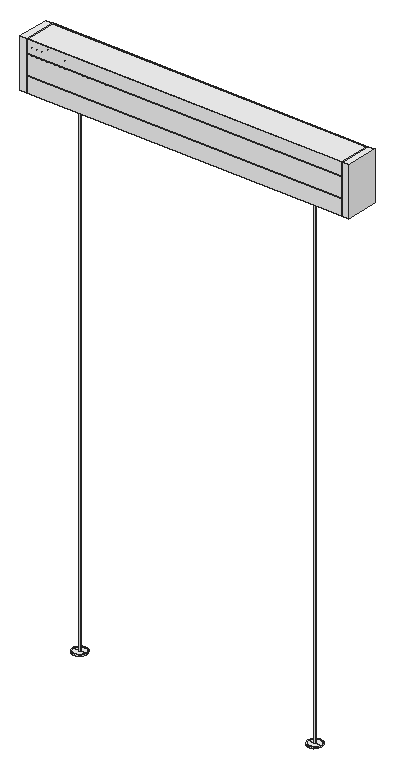
Revit family "2.3 inch  MAGIC WALL WASH LINEAR LIGHT", category Lighting Fixtures, host Face, Revit 2020 (continued)
Types (17): name | Wattage Comments | Wattage | Wall Mount | Suspenders Distance | Surface Mount | Recessed Mount | Photometric Web File | Pendent Mount | Order number | built-in parameter 1150142 | Model | built-in parameter 1150105 | Lumens | Light Source Height | Light Source Distance | built-in parameter 1150106 | Fixture Length
      \r\n 2000.70  2002.44  2001.82  1998.76  1995.53  1992.22  1988.73  1984.47  1980.23  1975.86  \r\n 1970.63  1965.35  1960.26  1956.19  1952.05  1947.59  1941.93  1936.24  1930.47  1924.37  \r\n 1918.23  1911.96  1905.01  1897.99  1890.90  1883.32  1875.71  1868.06  1859.93  1851.70  \r\n 1843.43  1834.59  1825.51  1816.33  1806.61  1796.48  1786.23  1775.88  1765.51  1752.04  \r\n 1735.76  1718.74  1701.62  1684.38  1666.69  1648.83  1630.88  1612.54  1593.68  1574.73  \r\n 1555.67  1536.00  1516.30  1496.56  1476.57  1456.32  1436.02  1415.67  1395.25  1374.74  \r\n 1354.14  1333.32  1312.07  1290.83  1269.60  1247.93  1225.74  1203.52  1181.27  1159.19  \r\n 1136.21  1112.36  1088.60  1064.80  1040.97  1017.22  993.56   969.94   946.37   922.89   \r\n 899.51   876.22   852.61   829.09   805.72   782.48   759.40   736.49   713.72   691.08   \r\n 668.57   646.14   623.71   601.39   579.19   557.11   536.79   518.98   501.28   483.69   \r\n 466.20   448.81   431.53   414.33   397.24   380.24   363.34   346.53   329.82   313.19   \r\n 296.63   280.14   263.73   247.40   231.14   214.96   198.84   182.79   166.80   154.71   \r\n 147.24   139.80   132.39   125.01   117.66   110.34   103.05   95.78    88.53    81.30    \r\n 74.09    66.90    59.73    52.56    45.42    38.28    31.15    24.02    16.91    9.79     \r\n 2.68     2.58     2.47     2.37     2.27     2.17     2.06     1.96     1.86     1.75     \r\n 1.65     1.55     1.45     1.35     1.25     1.15     1.05     0.95     0.85     0.75     \r\n 0.66     0.56     0.52     0.54     0.55     0.56     0.57     0.58     0.60     0.61     \r\n 0.62     0.64     0.65     0.66     0.68     0.69     0.71     0.72     0.74     0.75     \r\n 0.76     0.77     0.78     0.80     0.81     0.83     0.84     0.86     0.88     0.90     \r\n 0.92     0.94     0.96     0.97     0.99     1.01     1.04     1.06     1.08     1.10     \r\n 1.11     1.13     1.15     1.17     1.19     1.21     1.23     1.25     1.27     1.30     \r\n 1.32     1.34     1.36     1.37     1.39     1.41     1.42     1.44     1.46     1.47     \r\n 1.49     1.51     1.53     1.55     1.57     1.59     1.61     1.62     1.65     1.67     \r\n 1.69     1.72     1.74     1.77     1.79     1.81     1.82     1.84     1.87     1.89     \r\n 1.92     1.94     1.97     2.00     2.02     2.04     2.06     2.09     2.11     2.13     \r\n 2.16     2.19     2.21     2.24     2.27     2.29     2.32     2.35     2.37     2.39     \r\n 2.42     2.45     2.48     2.50     2.53     2.56     2.59     2.62     2.66     2.68     \r\n 2.71     2.74     2.77     2.80     2.84     2.87     2.89     2.92     2.96     2.98     \r\n 3.01     3.03     3.06     3.08     3.11     3.13     3.15     3.18     3.20     3.23     \r\n 3.26     3.28     3.31     3.33     3.36     3.38     3.41     3.44     3.46     3.49     \r\n 3.52     3.54     3.57     3.59     3.62     3.65     3.67     3.70     3.73     3.76     \r\n 3.78     3.81     3.83     3.86     3.89     3.91     3.94     3.96     3.98     4.00     \r\n 4.26     \r\n1793.11  1801.17  1809.12  1816.98  1824.22  1831.37  1838.50  1845.24  1851.87  1858.48  \r\n 1864.59  1870.40  1876.14  1881.67  1887.04  1892.38  1897.62  1902.73  1907.78  1912.64  \r\n 1917.02  1921.32  1925.53  1929.61  1933.66  1937.68  1941.65  1945.63  1949.61  1952.64  \r\n 1955.42  1958.12  1960.91  1963.74  1966.54  1969.05  1971.22  1973.33  1975.36  1975.08  \r\n 1971.98  1968.84  1965.66  1962.44  1959.17  1955.39  1951.43  1947.44  1943.28  1938.91  \r\n 1934.47  1929.87  1924.97  1920.09  1915.22  1909.32  1903.25  1897.14  1891.54  1886.39  \r\n 1881.16  1875.71  1869.31  1862.88  1856.42  1849.66  1842.75  1835.80  1828.63  1820.90  \r\n 1813.10  1805.24  1797.17  1789.00  1780.79  1766.69  1751.98  1737.16  1722.22  1706.86  \r\n 1691.10  1675.26  1659.35  1642.80  1626.02  1609.15  1592.20  1575.23  1558.17  1541.02  \r\n 1523.69  1505.73  1487.67  1469.53  1451.26  1432.74  1414.15  1395.49  1376.71  1357.17  \r\n 1337.55  1317.85  1298.07  1278.25  1258.41  1238.55  1215.98  1192.93  1169.70  1146.52  \r\n 1123.38  1100.28  1077.06  1053.89  1030.76  1007.68  984.64   961.57   938.56   915.60   \r\n 892.69   869.78   846.54   823.40   800.34   777.38   754.51   731.77   709.13   686.56   \r\n 664.05   641.60   619.22   599.57   581.09   562.69   544.39   526.17   508.04   490.01   \r\n 472.09   454.25   436.48   418.78   401.14   383.58   366.08   348.63   331.22   313.89   \r\n 296.62   279.41   262.27   245.18   228.15   211.17   194.24   179.13   171.23   163.35   \r\n 155.50   147.68   139.88   132.11   124.36   116.63   108.92   101.23   93.56    85.91    \r\n 78.27    70.64    63.03    55.42    47.83    40.25    32.67    25.10    17.53    9.96     \r\n 2.40     2.31     2.23     2.15     2.07     1.99     1.91     1.83     1.75     1.67     \r\n 1.59     1.51     1.42     1.34     1.26     1.19     1.11     1.03     0.95     0.87     \r\n 0.79     0.72     0.64     0.57     0.56     0.58     0.59     0.60     0.62     0.63     \r\n 0.65     0.66     0.68     0.69     0.71     0.72     0.74     0.75     0.76     0.78     \r\n 0.79     0.80     0.82     0.83     0.85     0.86     0.88     0.89     0.91     0.93     \r\n 0.95     0.97     0.99     1.01     1.03     1.05     1.07     1.10     1.12     1.14     \r\n 1.16     1.17     1.19     1.21     1.23     1.25     1.28     1.30     1.32     1.35     \r\n 1.37     1.39     1.42     1.44     1.46     1.48     1.50     1.52     1.54     1.56     \r\n 1.58     1.60     1.62     1.63     1.65     1.67     1.69     1.71     1.73     1.75     \r\n 1.77     1.80     1.82     1.84     1.87     1.89     1.91     1.94     1.96     1.98     \r\n 2.01     2.03     2.06     2.08     2.11     2.14     2.17     2.19     2.22     2.24     \r\n 2.26     2.28     2.30     2.33     2.35     2.38     2.40     2.43     2.46     2.48     \r\n 2.51     2.54     2.57     2.60     2.62     2.65     2.68     2.70     2.73     2.76     \r\n 2.79     2.82     2.84     2.87     2.90     2.93     2.96     2.99     3.03     3.06     \r\n 3.09     3.12     3.14     3.16     3.19     3.21     3.23     3.26     3.28     3.30     \r\n 3.33     3.35     3.37     3.40     3.42     3.44     3.47     3.49     3.52     3.54     \r\n 3.56     3.59     3.61     3.64     3.66     3.68     3.71     3.73     3.76     3.78     \r\n 3.80     3.83     3.85     3.88     3.90     3.92     3.95     3.97     3.99     4.01     \r\n 4.26     \r\n1793.11  1800.10  1806.99  1813.78  1820.22  1826.37  1832.51  1838.62  1844.30  1849.97  \r\n 1855.62  1860.90  1865.80  1870.64  1875.42  1879.94  1884.44  1888.91  1893.26  1897.49  \r\n 1901.66  1905.79  1909.32  1912.76  1916.13  1919.44  1922.70  1925.94  1929.14  1932.39  \r\n 1935.65  1938.91  1941.76  1943.79  1945.76  1947.65  1949.72  1947.66  1944.35  1940.94  \r\n 1937.09  1933.23  1929.36  1925.40  1921.34  1917.23  1913.09  1908.91  1904.69  1900.43  \r\n 1896.07  1891.21  1886.32  1881.39  1876.28  1870.87  1865.38  1859.81  1854.24  1848.71  \r\n 1843.20  1837.70  1831.29  1824.47  1817.61  1810.70  1804.40  1798.20  1791.92  1785.58  \r\n 1778.61  1767.83  1754.93  1741.91  1728.52  1714.97  1701.32  1687.58  1673.35  1658.84  \r\n 1644.24  1629.55  1614.66  1599.53  1584.31  1568.98  1553.50  1537.61  1521.62  1505.54  \r\n 1489.37  1472.93  1456.35  1439.71  1423.02  1406.21  1388.74  1371.20  1353.59  1335.93  \r\n 1318.20  1300.40  1280.12  1258.50  1236.86  1215.02  1192.85  1170.67  1148.49  1126.30  \r\n 1104.10  1081.92  1059.76  1037.60  1015.45  993.31   970.87   948.24   925.65   903.07   \r\n 880.53   858.00   835.52   813.07   790.64   768.23   745.83   723.45   701.06   678.63   \r\n 658.54   639.89   621.30   602.76   584.28   565.84   547.40   529.02   510.68   492.40   \r\n 474.16   455.98   437.83   419.74   401.67   383.65   365.66   347.72   329.82   311.95   \r\n 294.12   276.33   258.57   240.85   223.15   205.48   194.99   186.79   178.62   170.46   \r\n 162.32   154.20   146.10   138.01   129.94   121.88   113.84   105.81   97.79    89.78    \r\n 81.77    73.78    65.80    57.82    49.85    41.89    33.93    25.97    18.02    10.06    \r\n 2.11     2.05     1.99     1.92     1.86     1.80     1.73     1.67     1.61     1.54     \r\n 1.48     1.42     1.36     1.29     1.23     1.17     1.11     1.05     0.99     0.93     \r\n 0.87     0.81     0.75     0.69     0.63     0.59     0.61     0.62     0.64     0.65     \r\n 0.67     0.68     0.70     0.71     0.73     0.74     0.76     0.77     0.79     0.81     \r\n 0.82     0.84     0.85     0.87     0.89     0.90     0.92     0.94     0.96     0.99     \r\n 1.01     1.03     1.05     1.07     1.09     1.11     1.13     1.15     1.17     1.19     \r\n 1.21     1.23     1.25     1.27     1.29     1.31     1.33     1.36     1.38     1.40     \r\n 1.43     1.45     1.48     1.50     1.52     1.55     1.57     1.60     1.62     1.65     \r\n 1.67     1.69     1.71     1.73     1.75     1.77     1.79     1.81     1.83     1.85     \r\n 1.87     1.89     1.91     1.94     1.96     1.98     2.01     2.03     2.06     2.09     \r\n 2.11     2.13     2.15     2.18     2.20     2.23     2.26     2.28     2.31     2.34     \r\n 2.37     2.39     2.42     2.45     2.47     2.50     2.52     2.54     2.56     2.59     \r\n 2.61     2.63     2.66     2.68     2.71     2.74     2.76     2.79     2.82     2.84     \r\n 2.87     2.90     2.93     2.96     2.99     3.02     3.05     3.07     3.10     3.13     \r\n 3.16     3.19     3.22     3.25     3.28     3.30     3.32     3.34     3.36     3.38     \r\n 3.40     3.42     3.44     3.47     3.49     3.51     3.53     3.55     3.57     3.59     \r\n 3.61     3.64     3.66     3.68     3.70     3.72     3.75     3.77     3.79     3.81     \r\n 3.83     3.85     3.87     3.89     3.91     3.93     3.95     3.97     3.99     4.01     \r\n 4.26     \r\n1793.11  1798.98  1804.76  1810.44  1816.04  1821.15  1826.25  1831.32  1836.38  1841.07  \r\n 1845.74  1850.40  1855.06  1859.04  1862.97  1866.84  1870.66  1874.29  1877.90  1881.48  \r\n 1885.05  1888.40  1891.69  1894.95  1898.15  1900.85  1903.40  1905.87  1908.28  1910.71  \r\n 1913.14  1915.54  1917.90  1920.35  1922.85  1921.86  1918.64  1914.76  1910.34  1905.89  \r\n 1901.43  1897.02  1892.72  1888.38  1884.00  1879.55  1874.81  1870.06  1865.30  1860.53  \r\n 1855.54  1850.49  1845.40  1840.27  1835.11  1829.91  1824.68  1819.41  1814.04  1808.28  \r\n 1802.48  1796.65  1790.79  1784.56  1778.09  1771.55  1764.95  1758.33  1748.81  1737.11  \r\n 1725.31  1713.40  1700.89  1687.69  1674.45  1661.17  1647.85  1634.70  1621.57  1608.33  \r\n 1594.98  1581.53  1567.56  1553.36  1539.05  1524.64  1510.12  1495.47  1480.72  1465.90  \r\n 1451.00  1436.02  1420.78  1405.23  1389.60  1373.91  1358.15  1342.32  1326.13  1306.60  \r\n 1286.13  1265.63  1245.09  1224.47  1203.63  1182.76  1161.85  1140.91  1119.93  1098.91  \r\n 1077.81  1056.67  1035.49  1014.28  993.03   971.75   950.21   928.51   906.80   885.07   \r\n 863.32   841.56   819.78   798.03   776.33   754.61   732.89   711.59   693.13   674.69   \r\n 656.27   637.74   619.14   600.57   582.03   563.52   545.04   526.59   508.16   489.76   \r\n 471.41   453.11   434.83   416.57   398.32   380.09   361.87   343.67   325.48   307.30   \r\n 289.13   270.97   252.82   234.66   217.77   209.34   200.93   192.54   184.15   175.78   \r\n 167.42   159.07   150.73   142.40   134.08   125.77   117.47   109.18   100.89   92.61    \r\n 84.34    76.07    67.80    59.54    51.29    43.04    34.79    26.54    18.30    10.05    \r\n 1.81     1.76     1.72     1.67     1.62     1.58     1.53     1.48     1.44     1.39     \r\n 1.35     1.30     1.25     1.21     1.16     1.12     1.07     1.03     0.98     0.94     \r\n 0.89     0.85     0.81     0.76     0.72     0.68     0.63     0.64     0.66     0.68     \r\n 0.69     0.71     0.73     0.74     0.76     0.78     0.79     0.81     0.83     0.85     \r\n 0.87     0.89     0.90     0.92     0.94     0.96     0.98     1.00     1.02     1.04     \r\n 1.06     1.08     1.09     1.11     1.13     1.15     1.17     1.19     1.22     1.24     \r\n 1.26     1.28     1.31     1.33     1.35     1.38     1.40     1.43     1.45     1.48     \r\n 1.50     1.53     1.55     1.57     1.60     1.62     1.64     1.67     1.69     1.72     \r\n 1.75     1.78     1.81     1.83     1.85     1.87     1.89     1.92     1.94     1.96     \r\n 1.98     2.00     2.02     2.05     2.07     2.09     2.12     2.14     2.17     2.20     \r\n 2.22     2.25     2.28     2.30     2.33     2.35     2.37     2.40     2.42     2.45     \r\n 2.47     2.50     2.52     2.55     2.57     2.60     2.62     2.64     2.67     2.69     \r\n 2.72     2.74     2.77     2.79     2.82     2.85     2.87     2.90     2.93     2.95     \r\n 2.98     3.00     3.03     3.05     3.08     3.10     3.13     3.16     3.19     3.22     \r\n 3.24     3.27     3.30     3.33     3.36     3.39     3.41     3.43     3.45     3.47     \r\n 3.49     3.51     3.52     3.54     3.56     3.58     3.59     3.61     3.63     3.65     \r\n 3.67     3.69     3.71     3.73     3.75     3.76     3.78     3.80     3.82     3.84     \r\n 3.86     3.87     3.89     3.91     3.93     3.95     3.96     3.98     3.99     4.01     \r\n 4.26     \r\n1793.11  1797.81  1802.44  1806.98  1811.44  1815.74  1819.75  1823.76  1827.74  1831.71  \r\n 1835.51  1839.16  1842.79  1846.42  1850.03  1853.17  1856.12  1859.03  1861.89  1864.70  \r\n 1867.40  1870.09  1872.75  1875.40  1877.98  1880.37  1882.71  1885.02  1887.29  1889.33  \r\n 1890.98  1892.57  1894.09  1895.21  1890.84  1886.57  1882.28  1877.98  1873.67  1869.37  \r\n 1865.05  1860.67  1856.24  1851.75  1846.78  1841.44  1836.08  1830.70  1825.30  1819.93  \r\n 1814.60  1809.23  1803.83  1798.40  1792.89  1787.28  1781.65  1776.02  1770.37  1764.69  \r\n 1758.71  1752.69  1746.65  1740.57  1734.45  1728.30  1716.69  1704.99  1693.21  1681.34  \r\n 1669.35  1657.10  1644.81  1632.47  1620.08  1607.64  1594.94  1581.96  1568.93  1555.86  \r\n 1542.75  1529.58  1516.42  1503.20  1489.90  1476.50  1463.02  1449.45  1435.63  1421.58  \r\n 1407.50  1393.38  1379.23  1365.05  1350.84  1336.33  1320.09  1301.00  1281.85  1262.63  \r\n 1243.35  1223.93  1204.21  1184.45  1164.65  1144.82  1124.94  1105.03  1085.09  1065.07  \r\n 1045.00  1024.88  1004.70  984.48   964.21   943.89   923.51   902.90   882.25   861.56   \r\n 840.83   820.06   799.26   778.43   757.55   737.31   719.13   700.95   682.76   664.58   \r\n 646.39   628.20   610.01   591.81   573.61   555.41   537.15   518.89   500.63   482.37   \r\n 464.12   445.87   427.63   409.39   391.15   372.92   354.70   336.47   318.25   300.02   \r\n 281.79   263.56   245.34   230.02   221.49   212.98   204.47   195.96   187.46   178.97   \r\n 170.49   162.00   153.53   145.06   136.59   128.13   119.67   111.21   102.76   94.31    \r\n 85.87    77.42    68.98    60.55    52.11    43.67    35.24    26.81    18.37    9.94     \r\n 1.51     1.48     1.45     1.42     1.38     1.35     1.32     1.29     1.26     1.23     \r\n 1.20     1.16     1.13     1.10     1.07     1.04     1.01     0.98     0.95     0.92     \r\n 0.89     0.86     0.83     0.80     0.77     0.74     0.71     0.68     0.69     0.71     \r\n 0.73     0.74     0.76     0.78     0.80     0.82     0.84     0.86     0.88     0.90     \r\n 0.92     0.93     0.95     0.97     0.99     1.01     1.03     1.05     1.07     1.09     \r\n 1.11     1.13     1.15     1.17     1.20     1.22     1.24     1.27     1.29     1.32     \r\n 1.34     1.37     1.39     1.42     1.44     1.47     1.49     1.51     1.54     1.56     \r\n 1.59     1.61     1.64     1.67     1.70     1.72     1.75     1.78     1.81     1.84     \r\n 1.87     1.89     1.92     1.95     1.97     2.00     2.02     2.04     2.06     2.08     \r\n 2.10     2.12     2.14     2.16     2.19     2.21     2.24     2.26     2.28     2.31     \r\n 2.33     2.36     2.38     2.41     2.43     2.46     2.49     2.51     2.54     2.56     \r\n 2.59     2.62     2.65     2.68     2.70     2.73     2.76     2.78     2.81     2.83     \r\n 2.85     2.88     2.90     2.92     2.94     2.96     2.98     3.00     3.03     3.05     \r\n 3.08     3.10     3.13     3.15     3.18     3.2
